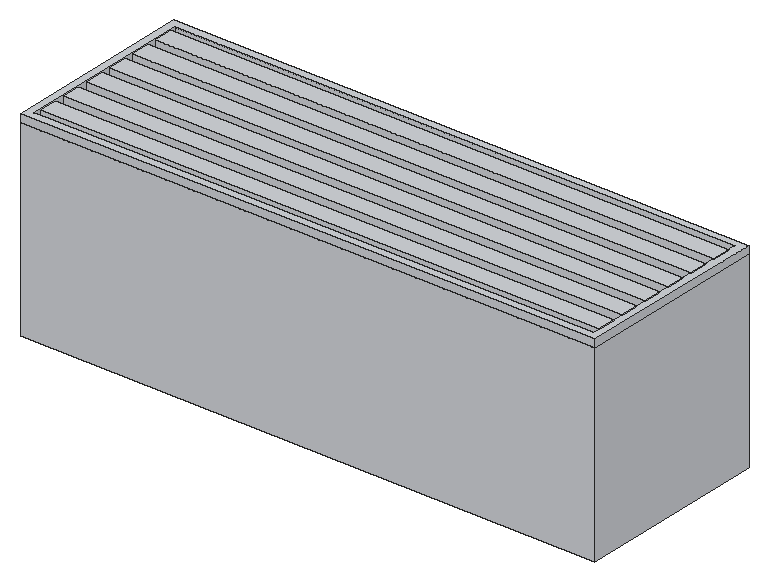
Revit family "排水沟", category 常规模型, Revit 2018
Family settings
  可将钢筋附着到主体 = 否
  圆形连接件大小 = 使用直径
  零件类型 = 标准
  加载时剪切的空心 = 否
  共享 = 否
  房间计算点 = 否
Parameters
  built-in parameter 1001306 [instance] = 1500 mm
  连接码 [instance] = ""
  起点埋深 [instance] = ""
  起点地面标高 [instance] = ""
  起始点号 [instance] = ""
  行X列 [instance] = ""
  终点埋深 [instance] = ""
  终点地面标高 [instance] = ""
  终止点号 [instance] = ""
  线型 [instance] = ""
  类型 [instance] = ""
  管线长度 [instance] = ""
  管径或断面尺寸 [instance] = ""
  电缆根数 [instance] = ""
  电压 [instance] = ""
  流向 [instance] = ""
  材质 [instance] = none
  权属单位 [instance] = ""
  新旧管线 [instance] = yes
  探测日期 [instance] = ""
  总孔数 [instance] = ""
  已用空孔 [instance] = ""
  宽度3 = 100 mm
  宽度2 = 50 mm
  宽度 = 20 mm
  宽 [instance] = 500 mm
  套管尺寸（孔径） [instance] = ""
  备注 [instance] = ""
  埋设类型 [instance] = ""
  埋设日期 [instance] = ""
Reference planes
  plane 1 "中心(前/后)": y = 0
  plane 2: z = 0
  plane 3 "左": x = 0
  plane 4 "右": x = 1500
  plane 5: y = 250
  plane 6: y = -250
Forms (mm)
  Extrusion 1, solid
    sketch origin (0, 0, 0) x (1, 0, 0) y (0, 1, 0)
      loop
        line (0, 250) -> (0, -250) -> (1500, -250) -> (1500, 250) -> (0, 250)
      loop
        line (20, 230) -> (20, -230) -> (1480, -230) -> (1480, 230) -> (20, 230)
    from 0 to 20
  Extrusion 2, solid
    sketch origin (0, 292.5, 0) x (1, 0, 0) y (0, 1, 0)
      loop
        line (20, -130) -> (1480, -130) -> (1480, -80) -> (20, -80) -> (20, -130)
    from 0 to 20
  Extrusion 3, solid
    sketch origin (0, 217.5, 0) x (1, 0, 0) y (0, 1, 0)
      loop
        line (20, -130) -> (1480, -130) -> (1480, -80) -> (20, -80) -> (20, -130)
    from 0 to 20
  Extrusion 4, solid
    sketch origin (0, 142.5, 0) x (1, 0, 0) y (0, 1, 0)
      loop
        line (20, -130) -> (1480, -130) -> (1480, -80) -> (20, -80) -> (20, -130)
    from 0 to 20
  Extrusion 5, solid
    sketch origin (0, -292.5, 0) x (1, 0, 0) y (0, 1, 0)
      loop
        line (20, 130) -> (20, 80) -> (1480, 80) -> (1480, 130) -> (20, 130)
    from 0 to 20
  Extrusion 6, solid
    sketch origin (0, -217.5, 0) x (1, 0, 0) y (0, 1, 0)
      loop
        line (20, 130) -> (20, 80) -> (1480, 80) -> (1480, 130) -> (20, 130)
    from 0 to 20
  Extrusion 7, solid
    sketch origin (0, -142.5, 0) x (1, 0, 0) y (0, 1, 0)
      loop
        line (20, 130) -> (20, 80) -> (1480, 80) -> (1480, 130) -> (20, 130)
    from 0 to 20
  Extrusion 8, solid
    sketch origin (0, 0, 0) x (0, 1, 0) y (1, 0, 0)
      loop
        line (-250, 1500) -> (-250, 0) -> (250, 0) -> (250, 1500) -> (-250, 1500)
    from 0 to 500
  Extrusion 9, void
    sketch origin (0, 0, 0) x (1, 0, 0) y (0, 1, 0)
      loop
        line (1480, 230) -> (20, 230) -> (20, -230) -> (1480, -230) -> (1480, 230)
    from -430.881 to 0
Cuts and joins
  Extrusion 9 cuts Extrusion 1
  Extrusion 9 cuts Extrusion 2
  Extrusion 9 cuts Extrusion 3
  Extrusion 9 cuts Extrusion 4
  Extrusion 9 cuts Extrusion 5
  Extrusion 9 cuts Extrusion 6
  Extrusion 9 cuts Extrusion 7
  Extrusion 9 cuts Extrusion 8
Lines and regions (mm)
  reference lines
    curve 1: line (0, 0, 0) -> (1500, 0, 0)
Dimensions and locks
  "built-in parameter 1001306": plane 3 "左" to plane 4 "右"
  equal spacing: plane 5, plane 1 "中心(前/后)", plane 6
  "宽": plane 5 to plane 6
  "宽度": Extrusion 1 sketch curve to Extrusion 1 sketch curve  (x4)
  aligned and locked: plane 4 "右" to curve 1
  aligned and locked: plane 1 "中心(前/后)" to curve 1
  aligned and locked: plane 3 "左" to curve 1
  aligned and locked: level to plane 2
  aligned and locked: Extrusion 1 sketch curve to plane 5
  aligned and locked: plane 3 "左" to Extrusion 1 sketch curve
  aligned and locked: Extrusion 1 sketch curve to plane 6
  aligned and locked: Extrusion 1 sketch curve to plane 4 "右"
  aligned and locked: Extrusion 1 to plane 5
  aligned and locked: Extrusion 8 to Extrusion 1  (x2)
  aligned and locked: Extrusion 9 to curve 1
  aligned and locked: Extrusion 9 to Extrusion 1  (x2)
Automatic sketch dimensions
  Extrusion 2 sketch curve to plane 3 "左" = 20 mm
  plane 4 "右" to Extrusion 2 sketch curve = 20 mm
  plane 5 to Extrusion 2 sketch curve = 37.5 mm
  Extrusion 2 sketch curve to Extrusion 2 sketch curve = 50 mm
  Extrusion 3 sketch curve to plane 3 "左" = 20 mm
  plane 4 "右" to Extrusion 3 sketch curve = 20 mm
  plane 5 to Extrusion 3 sketch curve = 112.5 mm
  Extrusion 3 sketch curve to Extrusion 3 sketch curve = 50 mm
  Extrusion 4 sketch curve to plane 3 "左" = 20 mm
  plane 4 "右" to Extrusion 4 sketch curve = 20 mm
  plane 1 "中心(前/后)" to Extrusion 4 sketch curve = 62.5 mm
  plane 1 "中心(前/后)" to Extrusion 4 sketch curve = 12.5 mm
  plane 3 "左" to Extrusion 5 sketch curve = 20 mm
  Extrusion 5 sketch curve to plane 4 "右" = 20 mm
  plane 6 to Extrusion 5 sketch curve = 37.5 mm
  Extrusion 5 sketch curve to Extrusion 5 sketch curve = 50 mm
  plane 3 "左" to Extrusion 6 sketch curve = 20 mm
  Extrusion 6 sketch curve to plane 4 "右" = 20 mm
  plane 6 to Extrusion 6 sketch curve = 112.5 mm
  Extrusion 6 sketch curve to Extrusion 6 sketch curve = 50 mm
  plane 3 "左" to Extrusion 7 sketch curve = 20 mm
  Extrusion 7 sketch curve to plane 4 "右" = 20 mm
  plane 1 "中心(前/后)" to Extrusion 7 sketch curve = 62.5 mm
  plane 1 "中心(前/后)" to Extrusion 7 sketch curve = 12.5 mm
  Extrusion 8 sketch curve to Extrusion 1 = 0 mm  (x3)
  Extrusion 1 to Extrusion 8 sketch curve = 0 mm
  Extrusion 9 sketch curve to Extrusion 1 = 0 mm  (x3)
  Extrusion 1 to Extrusion 9 sketch curve = 0 mm
